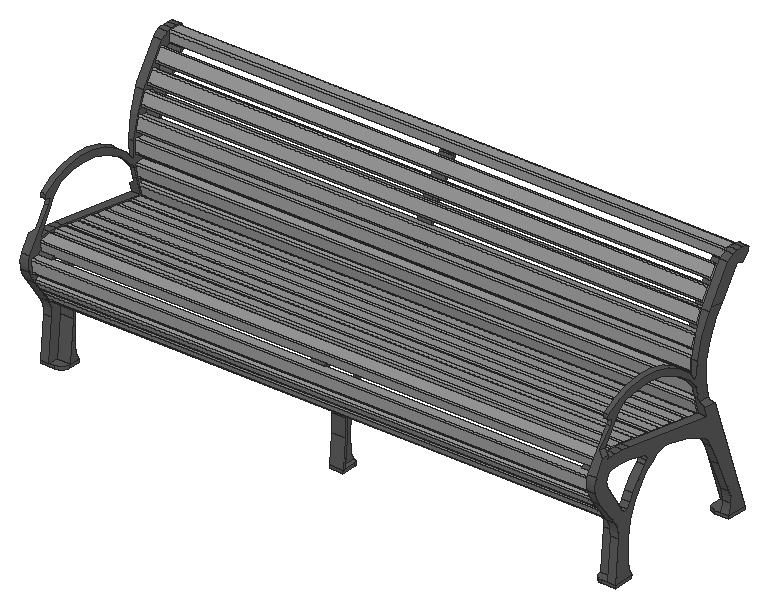
Revit family "Скамейка чугунная «Голландия» с подлокотниками Арт 13977", category Антураж, Revit 2018
Family settings
  На основе рабочей плоскости = Нет
  Всегда вертикально = Да
  При загрузке вырезать с полостями = Нет
  Источник визуального образа = Геометрия семейства
  Общий = Нет
  Точка расчета площади = Нет
Parameters (values of type "Версия 2,0 м (3 опоры)")
  Ширина = 680 mm  # constant formula
  Цвет сидения = Дерево
  Цвет опоры = Сталь
  Средняя опора = or([Версия 2,0 м (3 опоры)], ([Версия 3,0 м (3 опоры)]))  # yes
  Описание = if([Версия 0,6 м (кресло)], "Скамейка чугунная «Голландия» с подлокотниками. Версия 0,6 м (кресло)", if([Версия 1,2 м], "Скамейка чугунная «Голландия» с подлокотниками. Версия 1,2 м", if([Версия 1,5 м], "Скамейка чугунная «Голландия» с подлокотниками. Версия 1,5 м", if([Версия 1,8 м], "Скамейка чугунная «Голландия» с подлокотниками. Версия 1,8 м", if([Версия 2,0 м (3 опоры)], "Скамейка чугунная «Голландия» с подлокотниками. Версия 2,0 м (3 опоры)", "Скамейка чугунная «Голландия» с подлокотниками. Версия 3,0 м (3 опоры)")))))  # "Скамейка чугунная «Голландия» с подлокотниками. Версия 2,0 м (3 опоры)"
  Материал изделия = "Сталь, чугун, дерево"  # constant formula
  Изображение типоразмера = Скамейка чугунная «Голландия» с подлокотниками Арт 13977.jpg
  Изготовитель = "ООО «Хоббика»"  # constant formula
  Длина = if([Версия 0,6 м (кресло)], 600 mm, if([Версия 1,2 м], 1200 mm, if([Версия 1,5 м], 1500 mm, if([Версия 1,8 м], 1800 mm, if([Версия 2,0 м (3 опоры)], 2000 mm, 3000 mm)))))  # 2000 mm
  Группа модели = "Садовые скамейки"  # constant formula
  Высота = 850 mm  # constant formula
  Версия 3,0 м (3 опоры) = not(or([Версия 0,6 м (кресло)], [Версия 1,2 м], [Версия 1,5 м], [Версия 1,8 м], [Версия 2,0 м (3 опоры)]))  # no
  Версия 2,0 м (3 опоры) = yes
  Версия 1,8 м = no
  Версия 1,5 м = no
  Версия 1,2 м = no
  Версия 0,6 м (кресло) = no
  Артикул товара = "Арт. 13977"  # constant formula
  URL = "https://hobbyka.ru/product/skameyka_chugunnaya_gollandiya_s_podlokotnikom/"
Types (7, lengths in mm): name | Средняя опора | Описание | Длина | Версия 3,0 м (3 опоры) | Версия 2,0 м (3 опоры) | Версия 1,8 м | Версия 1,5 м | Версия 1,2 м | Версия 0,6 м (кресло)
  (no name) | yes | "Скамейка чугунная «Голландия» с подлокотниками. Версия 2,0 м (3 опоры)" | 2000 | no | yes | no | no | no | no
  Версия 0,6 м (кресло) | no | "Скамейка чугунная «Голландия» с подлокотниками. Версия 0,6 м (кресло)" | 600 | no | no | no | no | no | yes
  Версия 1,2 м | no | "Скамейка чугунная «Голландия» с подлокотниками. Версия 1,2 м" | 1200 | no | no | no | no | yes | no
  Версия 1,5 м | no | "Скамейка чугунная «Голландия» с подлокотниками. Версия 1,5 м" | 1500 | no | no | no | yes | no | no
  Версия 1,8 м | no | "Скамейка чугунная «Голландия» с подлокотниками. Версия 1,8 м" | 1800 | no | no | yes | no | no | no
  Версия 2,0 м (3 опоры) | yes | "Скамейка чугунная «Голландия» с подлокотниками. Версия 2,0 м (3 опоры)" | 2000 | no | yes | no | no | no | no
  Версия 3,0 м (3 опоры) | yes | "Скамейка чугунная «Голландия» с подлокотниками. Версия 3,0 м (3 опоры)" | 3000 | yes | no | no | no | no | no
Reference planes
  plane 1 "По центру (Вперед/Назад)": y = 0
  plane 2: z = 0
  plane 3 "По центру (Влево/Вправо)": x = 0
  plane 4: x = 2000
  plane 5: y = 680
  plane 6: z = 850
  plane 7: x = -35
  plane 8: x = 2035
Forms (mm)
  Extrusion 1, solid, material "Дерево" <- "Цвет сидения"
    sketch origin (0, 0, 0) x (0, 1, 0) y (0, 0, 1)
      loop
        line (674.324, 815.749) -> (674.324, 845)
        arc (674.324, 845) -> (672.859, 848.536) -> (669.324, 850) r 5
        line (669.324, 850) -> (629.324, 850)
        arc (629.324, 850) -> (625.788, 848.536) -> (624.324, 845) r 5
        line (624.324, 845) -> (624.324, 815.749) -> (674.324, 815.749)
      loop
        line (616.855, 798.179) -> (593.066, 815.199)
        arc (593.066, 815.199) -> (589.338, 816.066) -> (586.09, 814.042) r 5
        line (586.09, 814.042) -> (562.815, 781.511)
        arc (562.815, 781.511) -> (561.949, 777.783) -> (563.973, 774.535) r 5
        line (563.973, 774.535) -> (587.762, 757.515) -> (616.855, 798.179)
      loop
        line (580.351, 745.752) -> (555.345, 760.928)
        arc (555.345, 760.928) -> (551.563, 761.511) -> (548.476, 759.248) r 5
        line (548.476, 759.248) -> (527.723, 725.053)
        arc (527.723, 725.053) -> (527.14, 721.271) -> (529.403, 718.185) r 5
        line (529.403, 718.185) -> (554.409, 703.008) -> (580.351, 745.752)
      loop
        line (548.708, 692.872) -> (522.125, 705.075)
        arc (522.125, 705.075) -> (518.301, 705.219) -> (515.495, 702.617) r 5
        line (515.495, 702.617) -> (498.806, 666.265)
        arc (498.806, 666.265) -> (498.662, 662.441) -> (501.264, 659.635) r 5
        line (501.264, 659.635) -> (527.848, 647.431) -> (548.708, 692.872)
      loop
        line (522.13, 629.777) -> (493.707, 636.687)
        arc (493.707, 636.687) -> (489.926, 636.099) -> (487.668, 633.009) r 5
        line (487.668, 633.009) -> (478.218, 594.141)
        arc (478.218, 594.141) -> (478.806, 590.36) -> (481.896, 588.102) r 5
        line (481.896, 588.102) -> (510.319, 581.192) -> (522.13, 629.777)
      loop
        line (508.188, 567.194) -> (478.964, 568.441)
        arc (478.964, 568.441) -> (475.369, 567.129) -> (473.755, 563.659) r 5
        line (473.755, 563.659) -> (472.05, 523.695)
        arc (472.05, 523.695) -> (473.363, 520.101) -> (476.832, 518.487) r 5
        line (476.832, 518.487) -> (506.057, 517.24) -> (508.188, 567.194)
      loop
        line (508.188, 492.194) -> (479.455, 486.716)
        arc (479.455, 486.716) -> (476.256, 484.615) -> (475.48, 480.868) r 5
        line (475.48, 480.868) -> (482.972, 441.576)
        arc (482.972, 441.576) -> (485.072, 438.377) -> (488.82, 437.601) r 5
        line (488.82, 437.601) -> (517.553, 443.079) -> (508.188, 492.194)
      loop
        line (522.618, 424.305) -> (494.722, 415.507)
        arc (494.722, 415.507) -> (491.791, 413.047) -> (491.457, 409.235) r 5
        line (491.457, 409.235) -> (503.488, 371.087)
        arc (503.488, 371.087) -> (505.948, 368.156) -> (509.76, 367.822) r 5
        line (509.76, 367.822) -> (537.656, 376.62) -> (522.618, 424.305)
      loop
        line (496.711, 339.715) -> (501.324, 368.6)
        arc (501.324, 368.6) -> (500.435, 372.322) -> (497.175, 374.326) r 5
        line (497.175, 374.326) -> (457.675, 380.634)
        arc (457.675, 380.634) -> (453.953, 379.745) -> (451.949, 376.485) r 5
        line (451.949, 376.485) -> (447.337, 347.6) -> (496.711, 339.715)
      loop
        line (441.016, 348.609) -> (445.629, 377.494)
        arc (445.629, 377.494) -> (444.74, 381.216) -> (441.48, 383.22) r 5
        line (441.48, 383.22) -> (401.98, 389.528)
        arc (401.98, 389.528) -> (398.258, 388.639) -> (396.254, 385.379) r 5
        line (396.254, 385.379) -> (391.642, 356.494) -> (441.016, 348.609)
      loop
        line (386.699, 357.25) -> (391.312, 386.134)
        arc (391.312, 386.134) -> (390.423, 389.857) -> (387.163, 391.86) r 5
        line (387.163, 391.86) -> (347.663, 398.168)
        arc (347.663, 398.168) -> (343.941, 397.279) -> (341.937, 394.019) r 5
        line (341.937, 394.019) -> (337.325, 365.134) -> (386.699, 357.25)
      loop
        line (331.836, 366.044) -> (336.448, 394.929)
        arc (336.448, 394.929) -> (335.56, 398.651) -> (332.299, 400.655) r 5
        line (332.299, 400.655) -> (292.8, 406.962)
        arc (292.8, 406.962) -> (289.077, 406.074) -> (287.074, 402.813) r 5
        line (287.074, 402.813) -> (282.461, 373.929) -> (331.836, 366.044)
      loop
        line (209.802, 385.531) -> (214.415, 414.416)
        arc (214.415, 414.416) -> (213.526, 418.138) -> (210.266, 420.142) r 5
        line (210.266, 420.142) -> (170.766, 426.45)
        arc (170.766, 426.45) -> (167.044, 425.561) -> (165.04, 422.301) r 5
        line (165.04, 422.301) -> (160.428, 393.416) -> (209.802, 385.531)
      loop
        line (155.73, 393.805) -> (159.337, 422.832)
        arc (159.337, 422.832) -> (158.32, 426.521) -> (154.992, 428.411) r 5
        line (154.992, 428.411) -> (115.297, 433.343)
        arc (115.297, 433.343) -> (111.608, 432.326) -> (109.719, 428.998) r 5
        line (109.719, 428.998) -> (106.112, 399.971) -> (155.73, 393.805)
      loop
        line (40.612, 385.767) -> (11.391, 384.448)
        arc (11.391, 384.448) -> (7.925, 382.825) -> (6.621, 379.227) r 5
        line (6.621, 379.227) -> (8.425, 339.268)
        arc (8.425, 339.268) -> (10.048, 335.802) -> (13.646, 334.499) r 5
        line (13.646, 334.499) -> (42.867, 335.818) -> (40.612, 385.767)
      loop
        line (47.821, 326.359) -> (24.356, 308.895)
        arc (24.356, 308.895) -> (22.394, 305.609) -> (23.33, 301.898) r 5
        line (23.33, 301.898) -> (47.212, 269.81)
        arc (47.212, 269.81) -> (50.497, 267.848) -> (54.208, 268.784) r 5
        line (54.208, 268.784) -> (77.673, 286.248) -> (47.821, 326.359)
      loop
        line (86.629, 274.215) -> (63.163, 256.751)
        arc (63.163, 256.751) -> (61.201, 253.465) -> (62.137, 249.755) r 5
        line (62.137, 249.755) -> (86.019, 217.666)
        arc (86.019, 217.666) -> (89.305, 215.704) -> (93.015, 216.64) r 5
        line (93.015, 216.64) -> (116.481, 234.104) -> (86.629, 274.215)
      loop
        line (271.57, 375.668) -> (276.183, 404.553)
        arc (276.183, 404.553) -> (275.294, 408.275) -> (272.034, 410.279) r 5
        line (272.034, 410.279) -> (232.534, 416.586)
        arc (232.534, 416.586) -> (228.812, 415.698) -> (226.808, 412.437) r 5
        line (226.808, 412.437) -> (222.196, 383.552) -> (271.57, 375.668)
      loop
        line (97.972, 400.079) -> (92.938, 428.893)
        arc (92.938, 428.893) -> (90.887, 432.124) -> (87.152, 432.958) r 5
        line (87.152, 432.958) -> (47.749, 426.074)
        arc (47.749, 426.074) -> (44.518, 424.023) -> (43.684, 420.288) r 5
        line (43.684, 420.288) -> (48.718, 391.474) -> (97.972, 400.079)
    from 0 to 2000
Dimensions and locks
  "Ширина": plane 5 to plane 1 "По центру (Вперед/Назад)"
  "Высота": plane 6 to level
  equal spacing: plane 3 "По центру (Влево/Вправо)", nested 3, plane 4
  locked: plane 7 to plane 3 "По центру (Влево/Вправо)" at 35
  locked: plane 4 to plane 8 at 35
  "Длина": plane 3 "По центру (Влево/Вправо)" to plane 4
  aligned and locked: level to plane 2
  aligned and locked: nested 2 to plane 1 "По центру (Вперед/Назад)"
  aligned and locked: nested 1 to plane 1 "По центру (Вперед/Назад)"
  aligned and locked: nested 2 to plane 7
  aligned and locked: nested 1 to plane 8
  aligned and locked: Extrusion 1 to plane 3 "По центру (Влево/Вправо)"
  aligned and locked: plane 4 to Extrusion 1
Automatic sketch dimensions
  Extrusion 1 sketch curve to plane 6 = 0 mm
  Extrusion 1 sketch curve to plane 1 "По центру (Вперед/Назад)" = 6.621 mm
  Extrusion 1 sketch curve to plane 1 "По центру (Вперед/Назад)" = 8.425 mm
  Extrusion 1 sketch curve to Extrusion 1 sketch curve = 4.769 mm
  Extrusion 1 sketch curve to Extrusion 1 sketch curve = 4.995 mm  (x6)
  Extrusion 1 sketch curve to Extrusion 1 sketch curve = 0.226 mm
  Extrusion 1 sketch curve to plane 1 "По центру (Вперед/Назад)" = 23.33 mm
  Extrusion 1 sketch curve to Extrusion 1 sketch curve = 1.026 mm  (x2)
  Extrusion 1 sketch curve to Extrusion 1 sketch curve = 2.985 mm  (x3)
  Extrusion 1 sketch curve to Extrusion 1 sketch curve = 29.221 mm  (x2)
  Extrusion 1 sketch curve to Extrusion 1 sketch curve = 3.072 mm
  Extrusion 1 sketch curve to Extrusion 1 sketch curve = 23.882 mm  (x2)
  Extrusion 1 sketch curve to Extrusion 1 sketch curve = 4.065 mm  (x2)
  Extrusion 1 sketch curve to Extrusion 1 sketch curve = 4.954 mm
  Extrusion 1 sketch curve to Extrusion 1 sketch curve = 0.861 mm  (x2)
  Extrusion 1 sketch curve to Extrusion 1 sketch curve = 8.106 mm
  Extrusion 1 sketch curve to Extrusion 1 sketch curve = 4.011 mm  (x7)
  Extrusion 1 sketch curve to Extrusion 1 sketch curve = 7.93 mm
  Extrusion 1 sketch curve to Extrusion 1 sketch curve = 23.465 mm  (x2)
  Extrusion 1 sketch curve to Extrusion 1 sketch curve = 8.956 mm
  Extrusion 1 sketch curve to Extrusion 1 sketch curve = 39.403 mm
  Extrusion 1 sketch curve to Extrusion 1 sketch curve = 4.925 mm  (x2)
  Extrusion 1 sketch curve to Extrusion 1 sketch curve = 5.034 mm
  Extrusion 1 sketch curve to Extrusion 1 sketch curve = 8.14 mm
  Extrusion 1 sketch curve to Extrusion 1 sketch curve = 16.781 mm
  Extrusion 1 sketch curve to Extrusion 1 sketch curve = 4.962 mm  (x3)
  Extrusion 1 sketch curve to Extrusion 1 sketch curve = 0.617 mm  (x2)
  Extrusion 1 sketch curve to Extrusion 1 sketch curve = 39.695 mm
  Extrusion 1 sketch curve to Extrusion 1 sketch curve = 1.355 mm
  Extrusion 1 sketch curve to Extrusion 1 sketch curve = 4.698 mm
  Extrusion 1 sketch curve to Extrusion 1 sketch curve = 5.703 mm
  Extrusion 1 sketch curve to Extrusion 1 sketch curve = 4.937 mm  (x18)
  Extrusion 1 sketch curve to Extrusion 1 sketch curve = 0.788 mm  (x12)
  Extrusion 1 sketch curve to Extrusion 1 sketch curve = 39.5 mm  (x6)
  Extrusion 1 sketch curve to Extrusion 1 sketch curve = 0.325 mm  (x6)
  Extrusion 1 sketch curve to Extrusion 1 sketch curve = 12.393 mm  (x2)
  Extrusion 1 sketch curve to Extrusion 1 sketch curve = 10.891 mm  (x2)
  Extrusion 1 sketch curve to Extrusion 1 sketch curve = 5.489 mm  (x2)
  Extrusion 1 sketch curve to Extrusion 1 sketch curve = 4.943 mm  (x2)
  Extrusion 1 sketch curve to Extrusion 1 sketch curve = 6.32 mm  (x2)
  Extrusion 1 sketch curve to Extrusion 1 sketch curve = 30.57 mm
  Extrusion 1 sketch curve to Extrusion 1 sketch curve = 1.705 mm
  Extrusion 1 sketch curve to Extrusion 1 sketch curve = 3.43 mm
  Extrusion 1 sketch curve to Extrusion 1 sketch curve = 4.782 mm  (x2)
  Extrusion 1 sketch curve to Extrusion 1 sketch curve = 4.463 mm
  Extrusion 1 sketch curve to Extrusion 1 sketch curve = 0.213 mm
  Extrusion 1 sketch curve to Extrusion 1 sketch curve = 3.975 mm
  Extrusion 1 sketch curve to Extrusion 1 sketch curve = 4.912 mm  (x4)
  Extrusion 1 sketch curve to Extrusion 1 sketch curve = 3.677 mm  (x2)
  Extrusion 1 sketch curve to Extrusion 1 sketch curve = 7.492 mm
  Extrusion 1 sketch curve to Extrusion 1 sketch curve = 4.858 mm  (x2)
  Extrusion 1 sketch curve to Extrusion 1 sketch curve = 9.449 mm
  Extrusion 1 sketch curve to Extrusion 1 sketch curve = 0.936 mm
  Extrusion 1 sketch curve to Extrusion 1 sketch curve = 2.638 mm
  Extrusion 1 sketch curve to Extrusion 1 sketch curve = 1.181 mm
  Extrusion 1 sketch curve to Extrusion 1 sketch curve = 3.265 mm
  Extrusion 1 sketch curve to Extrusion 1 sketch curve = 4.768 mm  (x4)
  Extrusion 1 sketch curve to Extrusion 1 sketch curve = 5.099 mm
  Extrusion 1 sketch curve to Extrusion 1 sketch curve = 2.458 mm  (x2)
  Extrusion 1 sketch curve to Extrusion 1 sketch curve = 4.544 mm  (x2)
  Extrusion 1 sketch curve to Extrusion 1 sketch curve = 2.164 mm
  Extrusion 1 sketch curve to Extrusion 1 sketch curve = 29.224 mm  (x2)
  Extrusion 1 sketch curve to Extrusion 1 sketch curve = 2.132 mm
  Extrusion 1 sketch curve to Extrusion 1 sketch curve = 1.504 mm
  Extrusion 1 sketch curve to Extrusion 1 sketch curve = 2.13 mm
  Extrusion 1 sketch curve to Extrusion 1 sketch curve = 16.688 mm
  Extrusion 1 sketch curve to Extrusion 1 sketch curve = 28.733 mm
  Extrusion 1 sketch curve to Extrusion 1 sketch curve = 2.086 mm
  Extrusion 1 sketch curve to Extrusion 1 sketch curve = 28.423 mm
  Extrusion 1 sketch curve to Extrusion 1 sketch curve = 5.066 mm
  Extrusion 1 sketch curve to Extrusion 1 sketch curve = 5.598 mm
  Extrusion 1 sketch curve to Extrusion 1 sketch curve = 5.718 mm
  Extrusion 1 sketch curve to Extrusion 1 sketch curve = 1.68 mm
  Extrusion 1 sketch curve to Extrusion 1 sketch curve = 4.274 mm  (x2)
  Extrusion 1 sketch curve to Extrusion 1 sketch curve = 27.896 mm
  Extrusion 1 sketch curve to Extrusion 1 sketch curve = 20.753 mm
  Extrusion 1 sketch curve to Extrusion 1 sketch curve = 26.583 mm
  Extrusion 1 sketch curve to Extrusion 1 sketch curve = 5.701 mm
  Extrusion 1 sketch curve to Extrusion 1 sketch curve = 2.594 mm  (x2)
  Extrusion 1 sketch curve to Extrusion 1 sketch curve = 7.471 mm
  Extrusion 1 sketch curve to plane 6 = 75.465 mm
  Extrusion 1 sketch curve to Extrusion 1 sketch curve = 1.157 mm
  Extrusion 1 sketch curve to Extrusion 1 sketch curve = 4.066 mm  (x3)
  Extrusion 1 sketch curve to Extrusion 1 sketch curve = 25.006 mm
  Extrusion 1 sketch curve to plane 6 = 35.958 mm
  Extrusion 1 sketch curve to Extrusion 1 sketch curve = 23.275 mm
  Extrusion 1 sketch curve to Extrusion 1 sketch curve = 7.411 mm
  Extrusion 1 sketch curve to plane 6 = 34.801 mm
  Extrusion 1 sketch curve to Extrusion 1 sketch curve = 2.909 mm
  Extrusion 1 sketch curve to plane 6 = 51.821 mm
  Extrusion 1 sketch curve to Extrusion 1 sketch curve = 7.469 mm
  Extrusion 1 sketch curve to Extrusion 1 sketch curve = 5 mm  (x2)
  Extrusion 1 sketch curve to plane 5 = 10.676 mm
  Extrusion 1 sketch curve to Extrusion 1 sketch curve = 17.881 mm
  Extrusion 1 sketch curve to Extrusion 1 sketch curve = 11.763 mm
  Extrusion 1 sketch curve to Extrusion 1 sketch curve = 31.601 mm
  Extrusion 1 sketch curve to Extrusion 1 sketch curve = 13.11 mm
  Extrusion 1 sketch curve to Extrusion 1 sketch curve = 10.137 mm
  Extrusion 1 sketch curve to Extrusion 1 sketch curve = 6.63 mm
  Extrusion 1 sketch curve to Extrusion 1 sketch curve = 22.948 mm
  Extrusion 1 sketch curve to Extrusion 1 sketch curve = 17.654 mm
  Extrusion 1 sketch curve to Extrusion 1 sketch curve = 6.04 mm
  Extrusion 1 sketch curve to Extrusion 1 sketch curve = 19.661 mm
  Extrusion 1 sketch curve to Extrusion 1 sketch curve = 13.998 mm
  Extrusion 1 sketch curve to Extrusion 1 sketch curve = 5.209 mm
  Extrusion 1 sketch curve to Extrusion 1 sketch curve = 25.045 mm
  Extrusion 1 sketch curve to Extrusion 1 sketch curve = 5.478 mm
  Extrusion 1 sketch curve to Extrusion 1 sketch curve = 47.524 mm
  Extrusion 1 sketch curve to Extrusion 1 sketch curve = 0.385 mm
  Extrusion 1 sketch curve to Extrusion 1 sketch curve = 4.345 mm
  Extrusion 1 sketch curve to Extrusion 1 sketch curve = 4.933 mm
  Extrusion 1 sketch curve to Extrusion 1 sketch curve = 1.961 mm
  Extrusion 1 sketch curve to Extrusion 1 sketch curve = 6.884 mm
  Extrusion 1 sketch curve to Extrusion 1 sketch curve = 18.774 mm
  Extrusion 1 sketch curve to Extrusion 1 sketch curve = 0.532 mm
  Extrusion 1 sketch curve to Extrusion 1 sketch curve = 6.308 mm  (x5)
  Extrusion 1 sketch curve to Extrusion 1 sketch curve = 3.556 mm
  Extrusion 1 sketch curve to Extrusion 1 sketch curve = 22.093 mm
  Extrusion 1 sketch curve to Extrusion 1 sketch curve = 4.149 mm  (x2)
  Extrusion 1 sketch curve to Extrusion 1 sketch curve = 3.316 mm
  Extrusion 1 sketch curve to Extrusion 1 sketch curve = 2.487 mm
  Extrusion 1 sketch curve to Extrusion 1 sketch curve = 0.91 mm
  Extrusion 1 sketch curve to Extrusion 1 sketch curve = 2.333 mm
  Extrusion 1 sketch curve to Extrusion 1 sketch curve = 5.707 mm
  Extrusion 1 sketch curve to Extrusion 1 sketch curve = 0.756 mm
  Extrusion 1 sketch curve to Extrusion 1 sketch curve = 1.319 mm
  Extrusion 1 sketch curve to Extrusion 1 sketch curve = 2.586 mm
  Extrusion 1 sketch curve to Extrusion 1 sketch curve = 1.009 mm
  Extrusion 1 sketch curve to Extrusion 1 sketch curve = 6.504 mm
  Extrusion 1 sketch curve to Extrusion 1 sketch curve = 9.459 mm
  Extrusion 1 sketch curve to Extrusion 1 sketch curve = 25.604 mm
  Extrusion 1 sketch curve to Extrusion 1 sketch curve = 12.033 mm  (x2)
  Extrusion 1 sketch curve to Extrusion 1 sketch curve = 17.57 mm
Nested families
  nested 1: "Скамейка чугунная «Голландия» с подлокотниками Арт 13977 опора" at (2005, 124.961, 0), type "Скамейка чугунная «Голландия» с подлокотниками Арт 13977 опора"
  nested 2: "Скамейка чугунная «Голландия» с подлокотниками Арт 13977 опора" at (-5, 124.961, 0) x (-1, 0, 0) z (0, 0, 1), type "Скамейка чугунная «Голландия» с подлокотниками Арт 13977 опора"
  nested 3: "Скамейка чугунная «Голландия» с подлокотниками Арт 13977 опора средняя" at (1000, 162.057, 0), visible <- "Средняя опора", type "Скамейка чугунная «Голландия» с подлокотниками Арт 13977 опора средняя"
Definition of nested family "Скамейка чугунная «Голландия» с подлокотниками Арт 13977 опора"
  Parameters (values of type "Скамейка чугунная «Голландия» с подлокотниками Арт 13977 опора")
    Цвет опоры = none
    Height = 0 mm
  Reference planes
    plane 1 "По центру (Вперед/Назад)": y = 0
    plane 2: z = 0
    plane 3 "По центру (Влево/Вправо)": x = 0
  Forms (mm)
    Extrusion 1, solid, material <- "Цвет опоры"
      sketch origin (0, 0, 0) x (0, 1, 0) y (0, 0, 1)
        loop
          arc (-536.943, 850.977) -> (-546.478, 850.344) -> (-555.735, 847.968) r 51.716
          arc (-555.735, 847.968) -> (-560.385, 844.035) -> (-561.679, 838.083) r 9.471
          arc (-561.679, 838.083) -> (-558.8, 829.313) -> (-553.77, 821.573) r 35.742
          arc (-553.77, 821.573) -> (-547.749, 814.039) -> (-541.383, 806.794) r 206.448
          line (-541.383, 806.794) -> (-538.225, 803.333)
          arc (-538.225, 803.333) -> (-536.495, 802.561) -> (-534.645, 802.971) r 3.023
          arc (-534.645, 802.971) -> (-526.461, 807.289) -> (-517.654, 810.123) r 53.207
          arc (-517.654, 810.123) -> (-514.358, 810.465) -> (-511.058, 810.175) r 17.381
          arc (-511.058, 810.175) -> (-510.177, 809.868) -> (-509.344, 809.449) r 7.105
          arc (-509.344, 809.449) -> (-506.57, 807.852) -> (-503.815, 806.223) r 283.015
          arc (-503.815, 806.223) -> (-457.308, 741.658) -> (-417.814, 672.58) r 759.162
          arc (-417.814, 672.58) -> (-384.737, 544.155) -> (-405.381, 413.155) r 327.001
          line (-405.381, 413.155) -> (-545.191, 9.957) -> (-475.191, 9.957)
          arc (-475.191, 9.957) -> (-482.294, 28.768) -> (-484.246, 48.779) r 76.445
          arc (-484.246, 48.779) -> (-480.785, 69.993) -> (-474.318, 90.491) r 149.52
          line (-474.318, 90.491) -> (-431.134, 198.303)
          arc (-431.134, 198.303) -> (-415.231, 234.141) -> (-397.519, 269.12) r 767.835
          arc (-397.519, 269.12) -> (-377.469, 297.516) -> (-349.82, 318.586) r 114.484
          arc (-349.82, 318.586) -> (-278.923, 346.819) -> (-204.084, 361.74) r 419.47
          arc (-204.084, 361.74) -> (-176.976, 361.706) -> (-151.183, 353.364) r 87.364
          arc (-151.183, 353.364) -> (-113.15, 327.472) -> (-82.69, 292.989) r 184.857
          arc (-82.69, 292.989) -> (-52.339, 243.277) -> (-29.95, 189.508) r 379.64
          arc (-29.95, 189.508) -> (-22.135, 163.406) -> (-17.701, 136.523) r 213.95
          line (-17.701, 136.523) -> (-17.702, 64.277)
          arc (-17.702, 64.277) -> (-24.04, 36.361) -> (-35.202, 10) r 161.653
          line (-35.202, 10) -> (35.191, 10)
          arc (35.191, 10) -> (26.025, 81.374) -> (21.621, 153.2) r 1082.413
          arc (21.621, 153.2) -> (25.134, 184.734) -> (38.593, 213.468) r 97.433
          line (38.593, 213.468) -> (100.666, 297.407)
          arc (100.666, 297.407) -> (114.839, 319.261) -> (124.961, 343.262) r 147.994
          arc (124.961, 343.262) -> (127.981, 369.493) -> (121.233, 395.021) r 71.196
          arc (121.233, 395.021) -> (81.722, 459.792) -> (37.27, 521.277) r 969.938
          arc (37.27, 521.277) -> (33.111, 534.765) -> (39.031, 547.578) r 19.72
          arc (39.031, 547.578) -> (51.05, 549.216) -> (49.412, 561.235) r 8.577
          arc (49.412, 561.235) -> (-161.544, 614.199) -> (-345.61, 498.322) r 276.703
          arc (-345.61, 498.322) -> (-344.446, 530.109) -> (-346.28, 561.865) r 337.473
          arc (-346.28, 561.865) -> (-361.227, 635.626) -> (-389.465, 705.389) r 408.07
          arc (-389.465, 705.389) -> (-427.975, 769.766) -> (-471.665, 830.746) r 908.418
          arc (-471.665, 830.746) -> (-483.14, 840.304) -> (-496.286, 847.387) r 74.667
          arc (-496.286, 847.387) -> (-506.253, 849.841) -> (-516.477, 850.743) r 67.015
          arc (-516.477, 850.743) -> (-526.709, 850.908) -> (-536.943, 850.977) r 1087.837
        loop
          line (75.905, 430.146) -> (13.592, 543.4)
          arc (13.592, 543.4) -> (-2.822, 563.675) -> (-24.924, 577.532) r 79.336
          arc (-24.924, 577.532) -> (-204.043, 577.631) -> (-348.835, 472.184) r 289.073
          arc (-348.835, 472.184) -> (-352.346, 453.871) -> (-356.863, 435.779) r 337.473
          line (-356.863, 435.779) -> (-376.2, 374.655) -> (-26.873, 430.291)
          arc (-26.873, 430.291) -> (-12.14, 432.102) -> (2.62, 433.685) r 959.012
          arc (2.62, 433.685) -> (18.847, 434.987) -> (35.12, 435.426) r 306.514
          arc (35.12, 435.426) -> (55.702, 434.252) -> (75.905, 430.146) r 143.755
        loop
          arc (-83.374, 377.857) -> (-93.703, 373.716) -> (-103.085, 367.729) r 59.711
          arc (-103.085, 367.729) -> (-107.331, 360.941) -> (-105.209, 353.221) r 9.961
          arc (-105.209, 353.221) -> (-100.707, 346.968) -> (-95.399, 341.384) r 56.597
          arc (-95.399, 341.384) -> (-67.198, 309.228) -> (-43.764, 273.449) r 305.587
          line (-43.764, 273.449) -> (-30.559, 250.898)
          arc (-30.559, 250.898) -> (-24.894, 241.478) -> (-18.04, 232.884) r 83.515
          arc (-18.04, 232.884) -> (-10.002, 228.365) -> (-1.244, 231.249) r 11.432
          arc (-1.244, 231.249) -> (5.917, 238.718) -> (11.867, 247.183) r 68.253
          arc (11.867, 247.183) -> (44.177, 295.592) -> (73.191, 346.045) r 873.254
          arc (73.191, 346.045) -> (77.49, 365.333) -> (68.52, 382.94) r 29.194
          arc (68.52, 382.94) -> (64.33, 385.972) -> (59.683, 388.242) r 30.089
          arc (59.683, 388.242) -> (53.237, 390.254) -> (46.61, 391.545) r 61.328
          arc (46.61, 391.545) -> (7.801, 393.064) -> (-30.847, 389.231) r 281.684
          arc (-30.847, 389.231) -> (-57.297, 384.405) -> (-83.374, 377.857) r 410.428
      from 0 to 30
    Extrusion 2, solid, material <- "Цвет опоры"
      sketch origin (0, 0, 0) x (0, 1, 0) y (0, 0, 1)
        loop
          arc (0.76, 10) -> (-8.062, 80.72) -> (-12.354, 151.858) r 1116.413
          arc (-12.354, 151.858) -> (-7.444, 194.474) -> (10.928, 233.239) r 131.433
          line (10.928, 233.239) -> (73.616, 318.012)
          arc (73.616, 318.012) -> (84.653, 334.911) -> (92.536, 353.491) r 113.994
          arc (92.536, 353.491) -> (94.078, 366.912) -> (90.726, 379.998) r 37.196
          arc (90.726, 379.998) -> (82.66, 389.948) -> (71.372, 396.001) r 32.45
          arc (71.372, 396.001) -> (53.606, 400.215) -> (35.387, 401.426) r 109.755
          arc (35.387, 401.426) -> (20.73, 401.039) -> (6.114, 399.865) r 272.514
          arc (6.114, 399.865) -> (-7.954, 398.359) -> (-21.998, 396.639) r 925.012
          line (-21.998, 396.639) -> (-428.252, 331.936) -> (-400.679, 411.454)
          arc (-400.679, 411.454) -> (-379.745, 544.441) -> (-413.337, 674.807) r 332.001
          arc (-413.337, 674.807) -> (-453.338, 744.729) -> (-500.477, 810.05) r 764.162
          arc (-500.477, 810.05) -> (-503.648, 811.935) -> (-506.844, 813.779) r 288.015
          arc (-506.844, 813.779) -> (-508.353, 814.525) -> (-509.95, 815.054) r 12.105
          arc (-509.95, 815.054) -> (-512.076, 815.363) -> (-514.222, 815.466) r 22.381
          line (-514.222, 815.466) -> (-539.222, 815.466) -> (-539.222, 810.466) -> (-514.222, 810.466)
          arc (-514.222, 810.466) -> (-512.633, 810.393) -> (-511.058, 810.175) r 17.381
          arc (-511.058, 810.175) -> (-510.177, 809.868) -> (-509.344, 809.449) r 7.105
          arc (-509.344, 809.449) -> (-506.57, 807.852) -> (-503.815, 806.223) r 283.015
          arc (-503.815, 806.223) -> (-457.308, 741.658) -> (-417.814, 672.58) r 759.162
          arc (-417.814, 672.58) -> (-384.737, 544.155) -> (-405.381, 413.155) r 327.001
          line (-405.381, 413.155) -> (-545.191, 9.957) -> (-539.899, 9.957) -> (-430.049, 326.752) -> (-30.847, 389.231)
          arc (-30.847, 389.231) -> (7.801, 393.064) -> (46.61, 391.545) r 281.684
          arc (46.61, 391.545) -> (53.237, 390.254) -> (59.683, 388.242) r 61.328
          arc (59.683, 388.242) -> (64.33, 385.972) -> (68.52, 382.94) r 30.089
          arc (68.52, 382.94) -> (77.49, 365.333) -> (73.191, 346.045) r 29.194
          arc (73.191, 346.045) -> (44.177, 295.592) -> (11.867, 247.183) r 873.254
          arc (11.867, 247.183) -> (9.053, 242.838) -> (5.917, 238.718) r 68.253
          arc (5.917, 238.718) -> (-14.463, 195.363) -> (-19.115, 147.684) r 140.694
          arc (-19.115, 147.684) -> (-18.335, 142.113) -> (-17.701, 136.523) r 213.95
          line (-17.701, 136.523) -> (-17.702, 64.277)
          arc (-17.702, 64.277) -> (-24.04, 36.361) -> (-35.202, 10) r 161.653
          line (-35.202, 10) -> (0.76, 10)
      from -50 to 0
    Extrusion 3, void
      sketch origin (0, 21.786, 38.071) x (1, 0, 0) y (0, -0.08321, 0.996532)
        loop
          line (32.244, 747.132) -> (10.694, 415.481) -> (73.379, 363.967) -> (32.244, 747.132)
      from -218.759 to 469.222
    Extrusion 4, solid, material <- "Цвет опоры"
      sketch origin (0, 0, 0) x (1, 0, 0) y (0, 1, 0)
        loop
          arc (-20, 35) -> (-41.213, 26.213) -> (-50, 5) r 30
          line (-50, 5) -> (-50, -35) -> (30, -35) -> (30, 35) -> (-20, 35)
      from 0 to 10
    Extrusion 5, solid, material <- "Цвет опоры"
      sketch origin (0, -400, 0) x (1, 0, 0) y (0, 1, 0)
        loop
          arc (-20, -75.191) -> (-41.213, -83.978) -> (-50, -105.191) r 30
          line (-50, -105.191) -> (-50, -145.191) -> (30, -145.191) -> (30, -75.191) -> (-20, -75.191)
      from 0 to 10
  Cuts and joins
    Extrusion 3 cuts Extrusion 1
  Dimensions and locks
    aligned and locked: level to plane 2
Definition of nested family "Скамейка чугунная «Голландия» с подлокотниками Арт 13977 опора средняя"
  Parameters (values of type "Скамейка чугунная «Голландия» с подлокотниками Арт 13977 опора средняя")
    Цвет опоры = none
    Height = 0 mm
  Reference planes
    plane 1 "По центру (Вперед/Назад)": y = 0
    plane 2: z = 0
    plane 3 "По центру (Влево/Вправо)": x = 0
  Forms (mm)
    Extrusion 1, solid, material <- "Цвет опоры"
      sketch origin (0, 0, 0) x (0, 1, 0) y (0, 0, 1)
        loop
          line (36, 10) -> (24.21, 110.605)
          arc (24.21, 110.605) -> (22.7, 142.968) -> (24.189, 175.333) r 349.974
          arc (24.189, 175.333) -> (34.044, 211.907) -> (53.322, 244.512) r 140.334
          line (53.322, 244.512) -> (114.236, 326.359)
          arc (114.236, 326.359) -> (122.887, 341.211) -> (128.429, 357.482) r 86.47
          arc (128.429, 357.482) -> (127.2, 376.502) -> (115.038, 391.177) r 30.876
          arc (115.038, 391.177) -> (97.109, 397.79) -> (78.147, 400.158) r 83.597
          arc (78.147, 400.158) -> (46.445, 399.216) -> (14.942, 395.542) r 367.268
          line (14.942, 395.542) -> (-374.644, 333.33)
          arc (-374.644, 333.33) -> (-382.702, 342.907) -> (-383.492, 355.399) r 20.006
          arc (-383.492, 355.399) -> (-364.251, 411.898) -> (-348.69, 469.518) r 925.958
          arc (-348.69, 469.518) -> (-343.991, 543.022) -> (-356.103, 615.674) r 322.28
          arc (-356.103, 615.674) -> (-367.725, 652.053) -> (-383.372, 686.891) r 338.502
          arc (-383.372, 686.891) -> (-419.729, 747.969) -> (-460.745, 806.022) r 909.565
          arc (-460.745, 806.022) -> (-462.843, 808.342) -> (-465.27, 810.314) r 20.415
          line (-465.27, 810.314) -> (-471.124, 813.706)
          arc (-471.124, 813.706) -> (-473.069, 814.575) -> (-475.148, 815.038) r 10.619
          arc (-475.148, 815.038) -> (-487.929, 815.66) -> (-500.725, 815.749) r 307.556
          line (-500.725, 815.749) -> (-500.695, 810.749)
          arc (-500.695, 810.749) -> (-488.159, 810.664) -> (-475.637, 810.06) r 302.778
          arc (-475.637, 810.06) -> (-474.595, 809.813) -> (-473.62, 809.373) r 5.619
          line (-473.62, 809.373) -> (-467.963, 806.095)
          arc (-467.963, 806.095) -> (-466.22, 804.653) -> (-464.706, 802.97) r 15.415
          arc (-464.706, 802.97) -> (-423.932, 745.261) -> (-387.788, 684.546) r 904.565
          arc (-387.788, 684.546) -> (-372.374, 650.211) -> (-360.927, 614.358) r 333.502
          arc (-360.927, 614.358) -> (-348.989, 542.869) -> (-353.587, 470.536) r 317.28
          arc (-353.587, 470.536) -> (-369.089, 413.173) -> (-388.258, 356.93) r 920.958
          line (-388.258, 356.93) -> (-508, 10) -> (-502.711, 10) -> (-393.925, 325.187) -> (15.735, 390.605)
          arc (15.735, 390.605) -> (46.814, 394.23) -> (78.09, 395.159) r 362.268
          arc (78.09, 395.159) -> (95.8, 392.962) -> (112.559, 386.827) r 78.597
          arc (112.559, 386.827) -> (122.606, 374.523) -> (123.571, 358.667) r 25.876
          arc (123.571, 358.667) -> (118.355, 343.324) -> (110.205, 329.318) r 81.47
          line (110.205, 329.318) -> (49.355, 247.556)
          arc (49.355, 247.556) -> (29.405, 213.772) -> (19.218, 175.882) r 145.334
          arc (19.218, 175.882) -> (17.7, 142.981) -> (19.237, 110.081) r 354.974
          line (19.237, 110.081) -> (30.966, 10) -> (36, 10)
      from -25 to 25
    Extrusion 2, solid, material <- "Цвет опоры"
      sketch origin (0, 0, 0) x (0, 1, 0) y (0, 0, 1)
        loop
          arc (-475.637, 810.06) -> (-488.159, 810.664) -> (-500.695, 810.749) r 302.778
          arc (-500.695, 810.749) -> (-467.288, 765.552) -> (-435.913, 718.921) r 1270.366
          arc (-435.913, 718.921) -> (-403.734, 658.48) -> (-381.683, 593.654) r 424.873
          arc (-381.683, 593.654) -> (-375.675, 527.256) -> (-382.883, 460.977) r 336.317
          line (-382.883, 460.977) -> (-401.12, 384.429) -> (-475.207, 146.437) -> (-508, 10) -> (-388.258, 356.93)
          arc (-388.258, 356.93) -> (-369.089, 413.173) -> (-353.587, 470.536) r 920.958
          arc (-353.587, 470.536) -> (-348.989, 542.869) -> (-360.927, 614.358) r 317.28
          arc (-360.927, 614.358) -> (-372.374, 650.211) -> (-387.788, 684.546) r 333.502
          arc (-387.788, 684.546) -> (-423.932, 745.261) -> (-464.706, 802.97) r 904.565
          arc (-464.706, 802.97) -> (-466.22, 804.653) -> (-467.963, 806.095) r 15.415
          line (-467.963, 806.095) -> (-473.62, 809.373)
          arc (-473.62, 809.373) -> (-474.595, 809.813) -> (-475.637, 810.06) r 5.619
        loop
          arc (-438.118, 10) -> (-447.29, 33.564) -> (-446.908, 58.847) r 65.869
          arc (-446.908, 58.847) -> (-443.817, 73.477) -> (-439.041, 87.647) r 128.085
          arc (-439.041, 87.647) -> (-403.2, 173.089) -> (-363.466, 256.791) r 2013.864
          arc (-363.466, 256.791) -> (-350.385, 274.954) -> (-333.167, 289.256) r 88.554
          arc (-333.167, 289.256) -> (-293.152, 310.858) -> (-249.787, 324.543) r 240.544
          arc (-249.787, 324.543) -> (-221.14, 330.29) -> (-192.468, 335.91) r 6556.971
          arc (-192.468, 335.91) -> (-167.996, 338.651) -> (-143.371, 338.509) r 209.987
          arc (-143.371, 338.509) -> (-131.691, 331.816) -> (-120.909, 323.757) r 110.855
          arc (-120.909, 323.757) -> (-86.451, 288.232) -> (-59.171, 246.939) r 266
          arc (-59.171, 246.939) -> (-37.166, 201.345) -> (-21.13, 153.326) r 397.757
          arc (-21.13, 153.326) -> (-18.741, 95.316) -> (-24.151, 37.509) r 432.062
          arc (-24.151, 37.509) -> (-28.019, 23.29) -> (-34.383, 10) r 81.57
          line (-34.383, 10) -> (30.966, 10) -> (19.237, 110.081)
          arc (19.237, 110.081) -> (17.7, 142.981) -> (19.218, 175.882) r 354.974
          arc (19.218, 175.882) -> (29.405, 213.772) -> (49.355, 247.556) r 145.334
          line (49.355, 247.556) -> (110.205, 329.318)
          arc (110.205, 329.318) -> (118.355, 343.324) -> (123.571, 358.667) r 81.47
          arc (123.571, 358.667) -> (122.606, 374.523) -> (112.559, 386.827) r 25.876
          arc (112.559, 386.827) -> (95.8, 392.962) -> (78.09, 395.159) r 78.597
          arc (78.09, 395.159) -> (46.814, 394.23) -> (15.735, 390.605) r 362.268
          line (15.735, 390.605) -> (-393.925, 325.187) -> (-502.711, 10) -> (-438.118, 10)
        loop
          arc (67.294, 322.875) -> (70.959, 330.598) -> (74.474, 338.39) r 442.513
          arc (74.474, 338.39) -> (76.42, 343.525) -> (77.934, 348.803) r 66.254
          arc (77.934, 348.803) -> (78.391, 352.136) -> (78.303, 355.499) r 20.722
          arc (78.303, 355.499) -> (77.259, 360.867) -> (75.355, 365.994) r 33.523
          arc (75.355, 365.994) -> (73.242, 369.248) -> (70.139, 371.579) r 11.128
          arc (70.139, 371.579) -> (63.736, 373.573) -> (57.047, 374.05) r 29.117
          arc (57.047, 374.05) -> (50.397, 373.62) -> (43.779, 372.838) r 125.482
          arc (43.779, 372.838) -> (-15.784, 363.693) -> (-75.076, 352.929) r 2212.026
          arc (-75.076, 352.929) -> (-82.316, 350.743) -> (-89.214, 347.642) r 58.615
          arc (-89.214, 347.642) -> (-92.723, 345.274) -> (-95.659, 342.225) r 20.127
          arc (-95.659, 342.225) -> (-96.985, 338.13) -> (-95.945, 333.954) r 7.826
          arc (-95.945, 333.954) -> (-94.151, 331.084) -> (-92.031, 328.446) r 28.593
          line (-92.031, 328.446) -> (-79.613, 314.498)
          arc (-79.613, 314.498) -> (-55.829, 283.789) -> (-36.056, 250.357) r 311.257
          arc (-36.056, 250.357) -> (-29.49, 238.418) -> (-22.051, 227.004) r 182.386
          arc (-22.051, 227.004) -> (-17.572, 222.294) -> (-12.053, 218.861) r 25.658
          arc (-12.053, 218.861) -> (-4.803, 218.642) -> (1.318, 222.533) r 12.344
          arc (1.318, 222.533) -> (4.366, 225.959) -> (6.998, 229.714) r 39.592
          arc (6.998, 229.714) -> (37.386, 276.139) -> (67.294, 322.875) r 5388.012
      from -5 to 5
    Extrusion 3, solid, material <- "Цвет опоры"
      sketch origin (0, 0, 0) x (1, 0, 0) y (0, 1, 0)
        loop
          line (-25, 36.048) -> (-25, -13.139)
          arc (-25, -13.139) -> (0, -36.048) -> (25, -13.139) r 25.095
          line (25, -13.139) -> (25, 36.048) -> (-25, 36.048)
      from 0 to 10
    Extrusion 4, solid, material <- "Цвет опоры"
      sketch origin (0, -472.048, 0) x (-1, 0, 0) y (0, -1, 0)
        loop
          line (-25, 36.048) -> (-25, -13.139)
          arc (-25, -13.139) -> (0, -36.048) -> (25, -13.139) r 25.095
          line (25, -13.139) -> (25, 36.048) -> (-25, 36.048)
      from 0 to 10
  Dimensions and locks
    aligned and locked: level to plane 2
